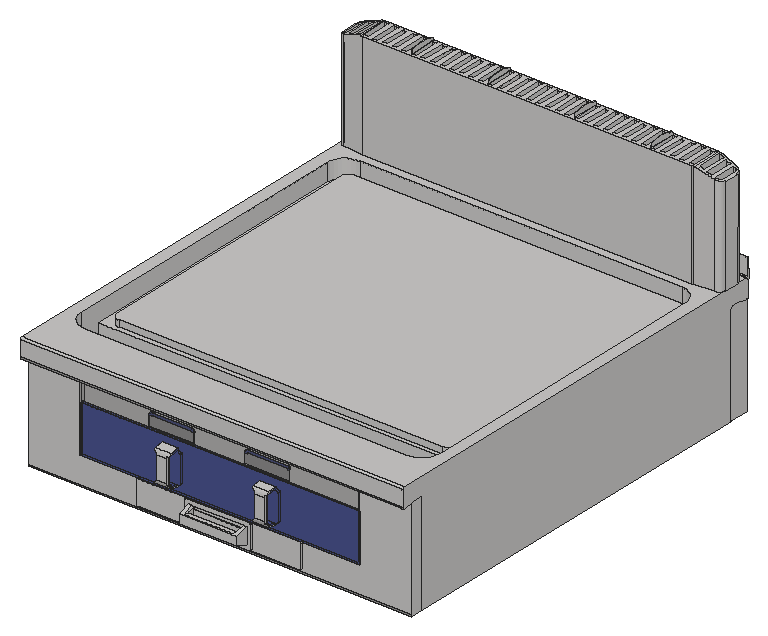
Revit family "QF_ELECTROLUXPROFESSIONAL_593319_MCHMABDOVO", category Specialty Equipment, Revit 2018
Family settings
  Round Connector Dimension = Use Diameter
  Part Type = Normal
  Work Plane-Based = No
  Always vertical = Yes
  Cut with Voids When Loaded = No
  Shared = No
  Room Calculation Point = No
Parameters (values of type "Standard")
  Weight = 69.00 kg
  Watts = 0 W
  Volts = 0 V
  URL Manufacturer = "http://professional.electrolux.com"
  URL = "http://professional.electrolux.com"
  Steam Supply Size = 0"
  Steam Supply Minimum Pressure = 0.00 psi
  Steam Supply Maximum Pressure = 0.00 psi
  Steam Pounds per Hour = 0
  Show Clearance [instance] = yes
  Refrigeration Suction Line Size = 0 mm
  Refrigeration Liquid Line Size = 0 mm
  Refrigerant Compressor Remote = yes
  Phase = 0
  Model = "MCHMABDOVO"
  Manufacturer = "Electrolux Professional"
  Length Actual = 400 mm  # constant formula
  Item Number = "593319"
  Hot Water Size = 0"
  Height Actual = 250 mm  # constant formula
  HP = "0 HP"
  Gas Size = 1/2"
  Gas KW = 10
  Gas Input Pressure = 0.817856 Btu/h
  Direct Waste Size = 0"
  Description = "GAS FRYTOP,SMT,TOWNGAS,1Z,BS,400X900X250"
  Depth Actual = 900 mm  # constant formula
  Cycle = 0 Hz
  Condensate Return Size = 0"
  Compressed Air Volume = 0 GPM
  Compressed Air Size = 0"
  Compressed Air Pressure = 0.00 psi
  Cold Water Size = 0"
  Accessory = yes
Reference planes
  plane 1 "BACK": y = 0
  plane 2: z = 0
  plane 3 "LEFT": x = 0
  plane 4 "RIGHT": x = 800
  plane 5 "FRONT": y = -900
  plane 6 "TOP": z = 250
  plane 7: x = 400
  plane 8: y = -450
  plane 9: z = 481
  plane 10: y = -1330
Forms (mm)
  Extrusion 1, solid, material "QF_Finishes_Stainless Steel"
    sketch origin (0, -487.128, 0) x (0, 1, 0) y (0, 0, 1)
      loop
        line (483.128, 250) -> (-408.872, 250)
        arc (-408.872, 250) -> (-411.7, 248.828) -> (-412.872, 246) r 4
        line (-412.872, 246) -> (-412.872, 214)
        arc (-412.872, 214) -> (-411.443, 210.936) -> (-408.177, 210.061) r 4
        line (-408.177, 210.061) -> (-391.509, 213) -> (-366.872, 213) -> (-366.872, 0) -> (441.128, 0) -> (441.128, 213) -> (465.765, 213) -> (482.433, 210.061)
        arc (482.433, 210.061) -> (485.699, 210.936) -> (487.128, 214) r 4
        line (487.128, 214) -> (487.128, 246)
        arc (487.128, 246) -> (485.956, 248.828) -> (483.128, 250) r 4
    from 0 to 800
  Extrusion 2, void
    sketch origin (653.786, 44.048, 250) x (1, 0, 0) y (0, -1, 0)
      loop
        line (-590.636, 138.048) -> (83.064, 138.048)
        arc (83.064, 138.048) -> (110.04, 149.222) -> (121.214, 176.198) r 38.15
        line (121.214, 176.198) -> (121.214, 816.572)
        arc (121.214, 816.572) -> (109.944, 843.779) -> (82.737, 855.048) r 38.476
        line (82.737, 855.048) -> (-591.786, 855.048)
        arc (-591.786, 855.048) -> (-617.949, 844.211) -> (-628.786, 818.048) r 37
        line (-628.786, 818.048) -> (-628.786, 176.198)
        arc (-628.786, 176.198) -> (-617.613, 149.222) -> (-590.636, 138.048) r 38.15
    from 0 to 37
  Extrusion 3, void
    sketch origin (1307.573, 92.096, 213) x (0, 1, 0) y (1, 0, 0)
      loop
        line (-821.846, -532.573) -> (-864.62, -532.573)
        arc (-864.62, -532.573) -> (-891.827, -543.842) -> (-903.096, -571.049) r 38.476
        line (-903.096, -571.049) -> (-903.096, -1245.573)
        arc (-903.096, -1245.573) -> (-892.259, -1271.736) -> (-866.096, -1282.573) r 37
        line (-866.096, -1282.573) -> (-821.846, -1282.573) -> (-821.846, -532.573)
    from 0 to 25.6
  Extrusion 4, void
    sketch origin (1612.573, 92.096, 187.4) x (-1, 0, 0) y (0, 1, 0)
      loop
        circle (1212.573, -862.096) r 22.248
    from 0 to 92
  Extrusion 5, solid, material "QF_Finishes_Stainless Steel"
    sketch origin (0, -854, 0) x (1, 0, 0) y (0, -1, 0)
      loop
        circle (765, -264) r 6.35
    from 0 to 3.2
  Extrusion 6, solid, material "QF_Door-Drawer Clearances", visible <- "Show Clearance", detail levels coarse
    sketch origin (437.31, -881.593, 8.62) x (0, 0, 1) y (-1, 0, 0)
      loop
        line (1.973, -134.295) -> (49.317, -134.295)
        arc (49.317, -134.295) -> (50.776, -133.691) -> (51.38, -132.232) r 2.063
        line (51.38, -132.232) -> (51.38, 206.852)
        arc (51.38, 206.852) -> (50.88, 208.549) -> (49.541, 209.705) r 3.133
        line (49.541, 209.705) -> (3.067, 209.705)
        arc (3.067, 209.705) -> (0.898, 208.807) -> (0, 206.638) r 3.067
        line (0, 206.638) -> (0, -132.322)
        arc (0, -132.322) -> (0.578, -133.717) -> (1.973, -134.295) r 1.973
    from 0 to 448.407
  Extrusion 7, solid, material "QF_Finishes_Stainless Steel"
    sketch origin (653.786, 44.048, 213) x (1, 0, 0) y (0, 1, 0)
      loop
        line (-608.786, -166.361) -> (-608.786, -745.485)
        arc (-608.786, -745.485) -> (-603.47, -758.319) -> (-590.636, -763.635) r 18.15
        line (-590.636, -763.635) -> (83.064, -763.635)
        arc (83.064, -763.635) -> (95.898, -758.319) -> (101.214, -745.485) r 18.15
        line (101.214, -745.485) -> (101.214, -166.361)
        arc (101.214, -166.361) -> (95.898, -153.527) -> (83.064, -148.211) r 18.15
        line (83.064, -148.211) -> (-590.636, -148.211)
        arc (-590.636, -148.211) -> (-603.47, -153.527) -> (-608.786, -166.361) r 18.15
    from 0 to 13.3
  Extrusion 8, solid, material "QF_Clearances", visible <- "Show Clearance", detail levels coarse
    sketch origin (-178.969, -4572, 0) x (-1, 0, 0) y (0, -1, 0)
      loop
        line (-78.969, -3672) -> (-178.969, -3672) -> (-178.969, -4572) -> (-978.969, -4572) -> (-978.969, -3672) -> (-1078.969, -3672) -> (-1078.969, -4672) -> (-78.969, -4672) -> (-78.969, -3672)
    from 0 to 250
  Extrusion 9, solid, material "QF_Finishes_Stainless Steel"
    sketch origin (0, 0, 0) x (0, 1, 0) y (0, 0, 1)
      loop
        line (-2.951, 1.994) -> (-2.951, 210.127)
        arc (-2.951, 210.127) -> (-3.795, 210.003) -> (-4.646, 210.061) r 4
        line (-4.646, 210.061) -> (-21.287, 212.994) -> (-45, 212.994) -> (-45, -0.006) -> (-4.951, -0.006)
        arc (-4.951, -0.006) -> (-3.537, 0.58) -> (-2.951, 1.994) r 2
      loop
        arc (-1.951, 252) -> (-2.537, 250.586) -> (-3.951, 250) r 2
        arc (-3.951, 250) -> (-1.172, 248.823) -> (0, 245.994) r 4
        line (0, 245.994) -> (0, 288) -> (-1.951, 288) -> (-1.951, 252)
    from 800 to 0
Cuts and joins
  Extrusion 2, Extrusion 3, Extrusion 4 cuts Extrusion 1
Lines and regions (mm)
  symbolic lines
    curve 1: line (493.666, -902.326, 0) -> (493.666, -900, 0)
    curve 2: spline (499.334, -903.73, 0) -> (498.856, -903.657, 0) -> (498.378, -903.575, 0) -> (497.901, -903.486, 0) -> (497.425, -903.389, 0) -> (496.95, -903.283, 0) -> (496.476, -903.17, 0) -> (496.004, -903.049, 0) -> (495.533, -902.92, 0) -> (495.064, -902.783, 0) -> (494.596, -902.638, 0) -> (494.13, -902.486, 0) -> (493.666, -902.326, 0)
    curve 3: line (525.881, -902.326, 0) -> (525.881, -900, 0)
    curve 4: spline (525.881, -902.326, 0) -> (525.417, -902.486, 0) -> (524.951, -902.638, 0) -> (524.483, -902.783, 0) -> (524.014, -902.92, 0) -> (523.543, -903.049, 0) -> (523.071, -903.17, 0) -> (522.597, -903.283, 0) -> (522.122, -903.389, 0) -> (521.646, -903.486, 0) -> (521.169, -903.575, 0) -> (520.691, -903.657, 0) -> (520.213, -903.73, 0)
    curve 5: line (499.334, -903.73, 0) -> (520.213, -903.73, 0)
    curve 6: line (25, -774, 0) -> (25, -132.15, 0)
    curve 7: arc (25, -132.15, 0) -> (36.174, -105.174, 0) -> (63.15, -94, 0) r 38.15
    curve 8: line (63.15, -94, 0) -> (736.85, -94, 0)
    curve 9: arc (736.85, -94, 0) -> (763.826, -105.174, 0) -> (775, -132.15, 0) r 38.15
    curve 10: line (775, -132.15, 0) -> (775, -772.524, 0)
    curve 11: arc (775, -772.524, 0) -> (763.731, -799.731, 0) -> (736.524, -811, 0) r 38.476
    curve 12: line (736.524, -811, 0) -> (62, -811, 0)
    curve 13: arc (62, -811, 0) -> (35.837, -800.163, 0) -> (25, -774, 0) r 37
    curve 14: line (775, -729.75, 0) -> (25, -729.75, 0)
    curve 15: circle (400, -770, 0) r 22.248 normal (0, 0, -1)
    curve 16: line (0, 0, 0) -> (800, 0, 0)
    curve 17: line (0, -900, 0) -> (0, 0, 0)
    curve 18: line (800, -900, 0) -> (0, -900, 0)
    curve 19: line (800, 0, 0) -> (800, -900, 0)
    curve 20: line (347.608, -908.767, 0) -> (450.042, -908.767, 0)
    curve 21: line (450.042, -908.767, 0) -> (451.588, -900, 0)
    curve 22: line (347.608, -908.767, 0) -> (346.062, -900, 0)
    curve 37: line (0, -1.951, 0) -> (800, -1.951, 0)
  symbolic lines, style "QF_Door-Drawer Clearances"
    curve 23: line (227.605, -1330, 0) -> (227.605, -900, 0)
    curve 24: line (227.605, -1330, 0) -> (571.605, -1330, 0)
    curve 25: line (571.605, -1330, 0) -> (571.605, -900, 0)
  symbolic lines, style "SpecialityEquipment"
    curve 26: line (755, -701.437, 0) -> (755, -122.313, 0)
    curve 27: arc (755, -122.313, 0) -> (749.684, -109.479, 0) -> (736.85, -104.163, 0) r 18.15
    curve 28: line (736.85, -104.163, 0) -> (63.15, -104.163, 0)
    curve 29: arc (63.15, -104.163, 0) -> (50.316, -109.479, 0) -> (45, -122.313, 0) r 18.15
    curve 30: line (45, -122.313, 0) -> (45, -701.437, 0)
    curve 31: arc (45, -701.437, 0) -> (50.316, -714.271, 0) -> (63.15, -719.587, 0) r 18.15
    curve 32: line (63.15, -719.587, 0) -> (736.85, -719.587, 0)
    curve 33: arc (736.85, -719.587, 0) -> (749.684, -714.271, 0) -> (755, -701.437, 0) r 18.15
  symbolic lines, style "QF_Clearances", visible <- "Show Clearance", detail levels coarse
    curve 34: line (-100, 100, 0) -> (-100, -900, 0)
    curve 35: line (900, 100, 0) -> (-100, 100, 0)
    curve 36: line (900, -900, 0) -> (900, 100, 0)
Dimensions and locks
  plane 3 "LEFT" to plane 4 "RIGHT" = 800 mm
  plane 5 "FRONT" to plane 1 "BACK" = 900 mm
  equal spacing: plane 3 "LEFT", plane 7, plane 4 "RIGHT"
  equal spacing: plane 5 "FRONT", plane 8, plane 1 "BACK"
  plane 6 "TOP" to level = 250 mm  (x2)
  plane 1 "BACK" to plane 5 "FRONT" = 900 mm
  Extrusion 5 sketch curve to plane 1 "BACK" = 590 mm
  Extrusion 5 sketch curve to plane 4 "RIGHT" = 35 mm
  plane 5 "FRONT" to plane 10 = 430 mm
  plane 9 to plane 6 "TOP" = 231 mm
  plane 9 to level = 481 mm
  Extrusion 8 to plane 3 "LEFT" = 100 mm
  plane 4 "RIGHT" to Extrusion 8 = 100 mm
  plane 1 "BACK" to Extrusion 8 = 100 mm
  radius of Extrusion 7 sketch curve = 18.15 mm  (x4)
  aligned and locked: level to plane 2
  aligned and locked: Extrusion 6 to plane 10
  aligned and locked: plane 6 "TOP" to Extrusion 8
  aligned and locked: cut or joined group of Extrusion 1, Extrusion 2, Extrusion 3, Extrusion 4 to plane 4 "RIGHT"
  aligned and locked: plane 7 to nested 1
  aligned and locked: plane 7 to nested 2
  aligned and locked: Extrusion 9 to plane 4 "RIGHT"
Automatic sketch dimensions
  Extrusion 1 to Extrusion 2 sketch curve = 90 mm
  Extrusion 1 to Extrusion 2 sketch curve = 122 mm
  Extrusion 1 to Extrusion 2 sketch curve = 25 mm
  Extrusion 2 sketch curve to Extrusion 2 sketch curve = 38.15 mm  (x2)
  Extrusion 1 to Extrusion 2 sketch curve = 123.476 mm
  Extrusion 1 to Extrusion 2 sketch curve = 85 mm
  Extrusion 2 sketch curve to Extrusion 2 sketch curve = 674.524 mm
  Extrusion 1 sketch curve to plane 5 "FRONT" = 0 mm
  Extrusion 1 sketch curve to plane 6 "TOP" = 0 mm
  Extrusion 1 sketch curve to level = 0 mm
  Extrusion 1 sketch curve to plane 1 "BACK" = 0 mm
  Extrusion 1 sketch curve to plane 6 "TOP" = 37 mm  (x2)
  Extrusion 1 sketch curve to plane 5 "FRONT" = 4 mm
  Extrusion 1 sketch curve to plane 5 "FRONT" = 21.363 mm
  Extrusion 1 sketch curve to plane 5 "FRONT" = 46 mm
  plane 1 "BACK" to Extrusion 1 sketch curve = 21.363 mm
  plane 1 "BACK" to Extrusion 1 sketch curve = 4 mm  (x2)
  Extrusion 1 sketch curve to Extrusion 1 sketch curve = 4 mm
  Extrusion 1 sketch curve to Extrusion 1 sketch curve = 0.695 mm
  Extrusion 1 sketch curve to Extrusion 1 sketch curve = 0 mm  (x4)
  plane 1 "BACK" to Extrusion 1 sketch curve = 4.695 mm
  Extrusion 1 sketch curve to Extrusion 1 sketch curve = 1 mm  (x2)
  plane 1 "BACK" to Extrusion 1 sketch curve = 46 mm
  Extrusion 3 sketch curve to Extrusion 2 = 81.25 mm
  Extrusion 2 to Extrusion 3 sketch curve = 0 mm  (x2)
  Extrusion 3 sketch curve to Extrusion 3 sketch curve = 37 mm
  Extrusion 3 sketch curve to Extrusion 3 sketch curve = 674.524 mm
  Extrusion 3 sketch curve to Extrusion 2 = 38.476 mm
  Extrusion 4 sketch curve to Extrusion 3 = 41 mm
  Extrusion 4 sketch curve to Extrusion 3 = 375 mm
  Extrusion 7 sketch curve to Extrusion 2 = 20 mm
  Extrusion 7 sketch curve to Extrusion 2 = 91.413 mm
  Extrusion 7 sketch curve to Extrusion 2 = 38.15 mm
  Extrusion 7 sketch curve to Extrusion 2 = 28.313 mm
  plane 1 "BACK" to Extrusion 8 sketch curve = 0 mm
  plane 5 "FRONT" to Extrusion 8 sketch curve = 0 mm  (x2)
  Extrusion 8 sketch curve to plane 4 "RIGHT" = 100 mm
  Extrusion 8 sketch curve to plane 1 "BACK" = 100 mm
  Extrusion 8 sketch curve to plane 3 "LEFT" = 100 mm
  Extrusion 8 sketch curve to plane 3 "LEFT" = 0 mm
  Extrusion 8 sketch curve to plane 4 "RIGHT" = 0 mm
  level to Extrusion 6 sketch curve = 8.62 mm
  level to Extrusion 6 sketch curve = 57.937 mm
  plane 7 to Extrusion 6 sketch curve = 171.605 mm
  Extrusion 6 sketch curve to Extrusion 6 sketch curve = 1.973 mm
  Extrusion 6 sketch curve to Extrusion 6 sketch curve = 3.067 mm
  Extrusion 6 sketch curve to Extrusion 6 sketch curve = 46.474 mm
  Extrusion 6 sketch curve to Extrusion 6 sketch curve = 2.063 mm
  Extrusion 6 sketch curve to Extrusion 6 sketch curve = 3.133 mm
  Extrusion 6 sketch curve to plane 7 = 169.328 mm
  Extrusion 9 sketch curve to plane 1 "BACK" = 0 mm  (x2)
  Extrusion 9 sketch curve to level = 0.006 mm
  Extrusion 9 sketch curve to plane 6 "TOP" = 0 mm
  Extrusion 9 sketch curve to Extrusion 9 sketch curve = 1.951 mm
  plane 1 "BACK" to Extrusion 9 sketch curve = 2.951 mm
  Extrusion 9 sketch curve to Extrusion 9 sketch curve = 2 mm  (x2)
  Extrusion 9 sketch curve to Extrusion 9 sketch curve = 18.335 mm
  Extrusion 9 sketch curve to Extrusion 9 sketch curve = 40.049 mm
  Extrusion 9 sketch curve to Extrusion 9 sketch curve = 1.695 mm
  Extrusion 9 sketch curve to Extrusion 9 sketch curve = 0 mm  (x3)
  Extrusion 9 sketch curve to Extrusion 9 sketch curve = 4 mm
  plane 1 "BACK" to Extrusion 9 sketch curve = 3.951 mm
  Extrusion 9 sketch curve to plane 6 "TOP" = 39.873 mm
  Extrusion 9 sketch curve to plane 6 "TOP" = 37.006 mm
  Extrusion 9 sketch curve to Extrusion 9 sketch curve = 36 mm
  Extrusion 9 sketch curve to Extrusion 9 sketch curve = 0.066 mm
  Extrusion 9 sketch curve to plane 6 "TOP" = 4.006 mm
  plane 1 "BACK" to curve 16 = 0 mm
  curve 25 to plane 10 = 0 mm
  curve 17 to plane 3 "LEFT" = 0 mm
  plane 5 "FRONT" to curve 18 = 0 mm
  plane 5 "FRONT" to curve 36 = 0 mm
  curve 37 to plane 4 "RIGHT" = 0 mm
  curve 15 to plane 7 = 0 mm
  plane 5 "FRONT" to curve 34 = 0 mm
  curve 35 to plane 4 "RIGHT" = 100 mm
  plane 4 "RIGHT" to curve 10 = 25 mm
  curve 14 to curve 26 = 20 mm
  curve 26 to curve 28 = 18.15 mm
  curve 26 to curve 32 = 18.15 mm
  curve 8 to curve 27 = 0 mm
  curve 10 to curve 12 = 38.476 mm
  plane 7 to curve 25 = 171.605 mm
  plane 5 "FRONT" to curve 3 = 2.326 mm
  curve 25 to curve 3 = 45.724 mm
  plane 5 "FRONT" to curve 5 = 3.73 mm
  curve 4 to curve 5 = 5.669 mm
  curve 5 to curve 5 = 20.878 mm
  plane 5 "FRONT" to curve 1 = 2.326 mm
  curve 2 to curve 1 = 5.669 mm
  plane 5 "FRONT" to curve 21 = 8.767 mm
  curve 2 to curve 21 = 43.623 mm
  curve 22 to plane 7 = 52.392 mm
  curve 23 to plane 7 = 172.395 mm
  plane 3 "LEFT" to curve 28 = 63.15 mm
  plane 3 "LEFT" to curve 32 = 63.15 mm
  curve 8 to curve 28 = 0 mm
  plane 3 "LEFT" to curve 12 = 62 mm
  curve 31 to curve 30 = 18.15 mm
  plane 3 "LEFT" to curve 6 = 25 mm
  curve 35 to plane 3 "LEFT" = 100 mm
  curve 3 to curve 4 = 9.839 mm
  plane 5 "FRONT" to curve 2 = 4.032 mm
  curve 2 to curve 5 = 4.17 mm
  curve 21 to curve 20 = 1.546 mm
  curve 20 to curve 22 = 1.546 mm
  curve 34 to plane 1 "BACK" = 100 mm
  plane 1 "BACK" to curve 8 = 94 mm
  curve 9 to curve 28 = 10.163 mm
  curve 26 to plane 5 "FRONT" = 198.563 mm
  curve 32 to curve 10 = 52.937 mm
  plane 1 "BACK" to curve 37 = 1.951 mm
  curve 30 to curve 14 = 28.313 mm
  curve 15 to plane 5 "FRONT" = 130 mm
  curve 2 to curve 4 = 0 mm
  radius of Extrusion 4 sketch curve = 22.248 mm
  radius of Extrusion 5 sketch curve = 6.35 mm
  radius of curve 15 = 22.248 mm
Nested families
  nested 1: "GG_900_800 Front Panel with Center Grease Trap" at (0, -854, -650), type "GG_900_800 Front Panel with Center Grease Trap"
  nested 2: "GG_900_Backsplash for 800 fryer" at (388.888, -5, -635.571), type "GG_900_Backsplash for 800 fryer"
Connectors
  piping at (765, -590, -3.2), diameter 12.8
    settings: on Extrusion 5, index 1, connector inside diameter 0.50394", connector length 0 mm, flow factor 0, pipe flow 0 GPM, pressure drop 0.00 psi, fitting loss kfactor 0, connector angle 0.00°, fixture units 0, engagement length 0 mm, angle of deflection 0.00°, flow configuration 1, flow direction 1, fitting loss method 0, system type 7, joint type 0, gender type 0, connector reference index -1, connector utility 0, adjustable connector no, is connector primary yes, connector description "GAS CONNECTION"
Definition of nested family "GG_900_800 Front Panel with Center Grease Trap"
  Reference planes
    plane 1 "Center (Front/Back)": y = 0
    plane 2: z = 0
    plane 3 "Center (Left/Right)": x = 0
    plane 4: y = -26.492
    plane 5: x = 400
    plane 6: x = 522.091
    plane 7: x = 319.468
  Forms (mm)
    Extrusion 1, solid
      sketch origin (1033.217, 829.203, -1.25) x (0, 1, 0) y (0, 0, 1)
        loop
          arc (-854.203, 654.25) -> (-853.324, 652.129) -> (-851.203, 651.25) r 3
          line (-851.203, 651.25) -> (-829.203, 651.25) -> (-829.203, 864.25) -> (-854.203, 864.25) -> (-854.203, 654.25)
      from -1033.217 to -233.217
    Extrusion 2, void
      sketch origin (1033.217, 829.203, -1.25) x (1, 0, 0) y (0, 0, 1)
        loop
          line (-341.217, 853.25) -> (-925.217, 853.25) -> (-925.217, 711.25) -> (-341.217, 711.25) -> (-341.217, 853.25)
      from 843.409 to 854.203
  Cuts and joins
    Extrusion 2 cuts Extrusion 1
  Dimensions and locks
    cut or joined group of Extrusion 1, Extrusion 2 to cut or joined group of Extrusion 1, Extrusion 2 = 108 mm
    nested 2 to plane 3 "Center (Left/Right)" = 108 mm
    nested 2 to plane 3 "Center (Left/Right)" = 252.97 mm
    cut or joined group of Extrusion 1, Extrusion 2 to nested 2 = 253.275 mm
    cut or joined group of Extrusion 1, Extrusion 2 to nested 4 = 297.909 mm
    nested 3 to plane 3 "Center (Left/Right)" = 298.218 mm
    aligned and locked: nested 1 to nested 2
  Nested families
    nested 1: "grease trap door" at (467.599, -25, 0.608) x (-1, 0, 0) z (0, 0, 1), type "grease trap door"
    nested 2: "Long Glass Control Panel w-Two Reads" at (108, -25, 5.811), type "Long Glass Control Panel w-Two Reads"
    nested 3: "Range Control Handle" at (298.218, -28.137, -207.75), type "Range Control Handle"
    nested 4: "Range Control Handle" at (502.091, -28.137, -207.75), type "Range Control Handle"
  Definition of nested family "grease trap door"
    Reference planes
      plane 1 "Center (Front/Back)": y = 0
      plane 2: z = 0
      plane 3 "Center (Left/Right)": x = 0
    Forms (mm)
      Extrusion 1, solid
        sketch origin (1627.55, 854.203, -1.25) x (1, 0, 0) y (0, 0, 1)
          loop
            arc (-1627.55, 661.235) -> (-1626.972, 659.84) -> (-1625.577, 659.262) r 1.973
            line (-1625.577, 659.262) -> (-1494.325, 659.262)
            arc (-1494.325, 659.262) -> (-1492.156, 660.16) -> (-1491.258, 662.329) r 3.067
            line (-1491.258, 662.329) -> (-1491.258, 708.803)
            arc (-1491.258, 708.803) -> (-1492.414, 710.143) -> (-1494.111, 710.642) r 3.133
            line (-1494.111, 710.642) -> (-1625.486, 710.642)
            arc (-1625.486, 710.642) -> (-1626.945, 710.038) -> (-1627.55, 708.579) r 2.063
            line (-1627.55, 708.579) -> (-1627.55, 661.235)
        from 856.795 to 859.203
      Extrusion 2, solid
        sketch origin (445.874, 2476.61, 0) x (0, 1, 0) y (0, 0, 1)
          loop
            line (-2506.377, 675.273) -> (-2481.61, 667.505) -> (-2481.61, 700.995) -> (-2506.377, 693.227) -> (-2506.377, 675.273)
        from -437.68 to -317.68
      Extrusion 3, void
        sketch origin (1627.55, 854.203, -1.25) x (1, 0, 0) y (0, 0, 1)
          loop
            line (-1614.883, 703) -> (-1610.542, 695.433) -> (-1508.17, 695.433) -> (-1503.828, 703) -> (-1614.883, 703)
          loop
            line (-1614.883, 668) -> (-1502.669, 668) -> (-1507.01, 675.567) -> (-1610.542, 675.567) -> (-1614.883, 668)
        from 832.916 to 883.97
      Extrusion 4, void
        sketch origin (447.55, 854.203, -1.25) x (1, 0, 0) y (0, 0, 1)
          loop
            line (-430.542, 695.433) -> (-430.542, 675.567) -> (-328.17, 675.567) -> (-328.17, 695.433) -> (-430.542, 695.433)
        from 859.203 to 874.202
      Extrusion 5, solid
        sketch origin (1627.55, 854.203, -1.25) x (1, 0, 0) y (0, 0, 1)
          loop
            arc (-1731.556, 661.235) -> (-1730.978, 659.84) -> (-1729.583, 659.262) r 1.973
            line (-1729.583, 659.262) -> (-1390.623, 659.262)
            arc (-1390.623, 659.262) -> (-1388.454, 660.16) -> (-1387.556, 662.329) r 3.067
            line (-1387.556, 662.329) -> (-1387.556, 708.803)
            arc (-1387.556, 708.803) -> (-1388.712, 710.143) -> (-1390.409, 710.642) r 3.133
            line (-1390.409, 710.642) -> (-1729.493, 710.642)
            arc (-1729.493, 710.642) -> (-1730.952, 710.038) -> (-1731.556, 708.579) r 2.063
            line (-1731.556, 708.579) -> (-1731.556, 661.235)
        from 854.203 to 856.795
    Cuts and joins
      Extrusion 3 cuts Extrusion 1
      Extrusion 3, Extrusion 4 cuts Extrusion 2
      joined: Extrusion 1, Extrusion 2
    Lines and regions (mm)
      symbolic lines
        curve 1: line (0, -2.593, 0) -> (136.292, -2.593, 0)
        curve 2: line (17.557, -29.767, 0) -> (12.667, -2.593, 0)
        curve 3: line (17.557, -29.767, 0) -> (119.991, -29.767, 0)
        curve 4: line (119.991, -29.767, 0) -> (124.881, -2.593, 0)
        curve 5: line (68.146, -2.593, 0) -> (68.146, -29.767, 0)
      model lines
        curve 6: line (67.599, 0, 658.012) -> (67.599, 0, 709.392)
    Dimensions and locks
      aligned and locked: Extrusion 2 to Extrusion 1
      aligned and locked: Extrusion 3 to Extrusion 2
      aligned and locked: Extrusion 4 to Extrusion 1
  Definition of nested family "Long Glass Control Panel w-Two Reads"
    Reference planes
      plane 1 "Center (Front/Back)": y = 0
      plane 2: z = 0
      plane 3 "Center (Left/Right)": x = 0
      plane 4: x = 584
      plane 5: x = 581.091
      plane 6: x = 350
      plane 7: x = 233.749
      plane 8 "Top": z = 846.189
      plane 9 "Center": x = 292
    Forms (mm)
      Extrusion 1, solid
        sketch origin (550.286, 304.8, -4.308) x (1, 0, 0) y (0, 0, 1)
          loop
            line (-550.286, 806.791) -> (-550.286, 708.497) -> (33.714, 708.497) -> (33.714, 806.791) -> (-550.286, 806.791)
        from 300.031 to 304.8
      Extrusion 2, solid
        sketch origin (550.286, 304.8, -4.308) x (1, 0, 0) y (0, 0, 1)
          loop
            line (-550.286, 850.497) -> (-550.286, 806.791) -> (33.714, 806.791) -> (33.714, 850.497) -> (-550.286, 850.497)
        from 300.031 to 304.8
      Extrusion 3, solid
        sketch origin (550.286, 305.901, -4.308) x (1, 0, 0) y (0, 0, 1)
          loop
            line (-311.561, 812.62) -> (-311.561, 834.177) -> (-316.37, 834.177) -> (-318.169, 835.977) -> (-398.599, 835.977) -> (-400.399, 834.177) -> (-405.316, 834.177) -> (-405.316, 812.62) -> (-311.561, 812.62)
          loop
            line (-111.561, 812.62) -> (-111.561, 834.177) -> (-116.37, 834.177) -> (-118.169, 835.977) -> (-198.599, 835.977) -> (-200.399, 834.177) -> (-205.316, 834.177) -> (-205.316, 812.62) -> (-111.561, 812.62)
        from 304.798 to 306.745
      Extrusion 4, solid
        sketch origin (550.286, 305.901, -4.308) x (1, 0, 0) y (0, 0, 1)
          loop
            line (-318.121, 835.977) -> (-316.321, 834.177) -> (-311.611, 834.177)
            arc (-311.611, 834.177) -> (-312.787, 838.752) -> (-317.062, 840.763) r 5.549
            line (-317.062, 840.763) -> (-399.768, 840.763)
            arc (-399.768, 840.763) -> (-404.024, 838.747) -> (-405.16, 834.177) r 5.5
            line (-405.16, 834.177) -> (-400.351, 834.177) -> (-398.551, 835.977) -> (-318.121, 835.977)
          loop
            line (-200.222, 834.177) -> (-198.422, 835.977) -> (-117.993, 835.977) -> (-116.193, 834.177) -> (-111.482, 834.177)
            arc (-111.482, 834.177) -> (-112.659, 838.752) -> (-116.934, 840.763) r 5.549
            line (-116.934, 840.763) -> (-199.639, 840.763)
            arc (-199.639, 840.763) -> (-203.895, 838.747) -> (-205.031, 834.177) r 5.5
            line (-205.031, 834.177) -> (-200.222, 834.177)
        from 304.798 to 306.745
      Extrusion 5, void
        sketch origin (550.286, 304.8, -4.308) x (1, 0, 0) y (0, 0, 1)
          loop
            line (-547.628, 847.565) -> (-547.628, 710.699) -> (30.804, 710.699) -> (30.804, 847.565) -> (-547.628, 847.565)
        from 303.697 to 304.8
    Cuts and joins
      Extrusion 5 cuts Extrusion 1
      Extrusion 5 cuts Extrusion 2
      Extrusion 5 cuts Extrusion 3
      Extrusion 5 cuts Extrusion 4
    Lines and regions (mm)
      symbolic lines
        curve 1: line (0, 4.769, 0) -> (584, 4.769, 0)
    Dimensions and locks
      plane 4 to plane 3 "Center (Left/Right)" = 584 mm
      locked: plane 4 to plane 5 at 2.909
      plane 4 to plane 6 = 234 mm
      plane 7 to plane 3 "Center (Left/Right)" = 233.749 mm
      aligned and locked: Extrusion 1 to Extrusion 2
      aligned and locked: Extrusion 3 to Extrusion 4
  Definition of nested family "Range Control Handle"
    Reference planes
      plane 1 "Center (Front/Back)": y = 0
      plane 2: z = 0
      plane 3 "Center (Left/Right)": x = 0
      plane 4: z = 971.092
    Forms (mm)
      Extrusion 1, solid
        sketch origin (-746.28, 380.497, 208.931) x (-1, 0, 0) y (0, 0, 1)
          loop
            line (-770.101, 786.798) -> (-770.101, 731.649)
            arc (-770.101, 731.649) -> (-769.759, 730.563) -> (-768.855, 729.87) r 1.893
            line (-768.855, 729.87) -> (-763.474, 727.911) -> (-729.81, 727.911) -> (-724.428, 729.87)
            arc (-724.428, 729.87) -> (-723.525, 730.563) -> (-723.183, 731.649) r 1.893
            line (-723.183, 731.649) -> (-723.183, 786.798)
            arc (-723.183, 786.798) -> (-723.529, 787.894) -> (-724.44, 788.593) r 1.91
            line (-724.44, 788.593) -> (-729.683, 790.819) -> (-763.601, 790.819) -> (-768.844, 788.593)
            arc (-768.844, 788.593) -> (-769.755, 787.894) -> (-770.101, 786.798) r 1.91
        from -382.35 to -378.852
      Sweep 2, solid
        path origin (-746.788, 380.496, 208.091) x (0, -1, 0) y (0, 0, 1)
          loop
            line (379.775, 793.281) -> (395.661, 791.048)
            arc (395.661, 791.048) -> (397.781, 787.377) -> (398.517, 783.202) r 12.207
            line (398.517, 783.202) -> (398.517, 737.368)
            arc (398.517, 737.368) -> (397.781, 733.193) -> (395.661, 729.522) r 12.207
            line (395.661, 729.522) -> (379.775, 727.289)
        profile origin (-746.788, -7.222, 1000.256) x (0, -0.139173, 0.990268) y (-1, 0, 0)
          loop
            line (0.782, -763.123) -> (0.782, -730.907) -> (-1.322, -730.907) -> (-1.322, -763.123) -> (0.782, -763.123)
      Sweep 3, solid
        path origin (-746.788, 380.715, 207.832) x (0, -1, 0) y (0, 0, 1)
          loop
            line (380.478, 795.442) -> (397.218, 793.09)
            arc (397.218, 793.09) -> (399.929, 788.473) -> (400.871, 783.202) r 15.207
            line (400.871, 783.202) -> (400.871, 737.584)
            arc (400.871, 737.584) -> (399.914, 732.274) -> (397.164, 727.633) r 15.207
            line (397.164, 727.633) -> (380.601, 725.305)
        profile origin (-746.788, -8.132, 1002.099) x (0, -0.139173, 0.990268) y (-1, 0, 0)
          loop
            line (0.782, -763.123) -> (0.782, -730.907) -> (-1.322, -730.907) -> (-1.322, -763.123) -> (0.782, -763.123)
      Extrusion 4, void
        sketch origin (889.253, 220.666, 207.993) x (1, 0, 0) y (0, 0, 1)
          loop
            line (-943.038, 816.854) -> (-943.038, 703.686) -> (-899.466, 734.196) -> (-899.466, 786.344) -> (-943.038, 816.854)
        from 230.636 to 242.25
      Extrusion 5, void
        sketch origin (-888.8, 220.666, 207.993) x (-1, 0, 0) y (0, 0, -1)
          loop
            line (-943.038, -816.854) -> (-899.466, -786.344) -> (-899.466, -734.196) -> (-943.038, -703.686) -> (-943.038, -816.854)
        from 230.636 to 242.25
      Extrusion 6, solid
        sketch origin (0, 0, 0) x (1, 0, 0) y (0, 0, 1)
          loop
            circle (0, 971.092) r 7.736
        from -3.137 to -1.645
    Cuts and joins
      Extrusion 4, Extrusion 5 cuts Sweep 3
      Extrusion 4, Extrusion 5 cuts Sweep 2
      joined: Extrusion 1, Extrusion 6
    Lines and regions (mm)
      symbolic lines
        curve 1: line (23.821, 1.645, 0) -> (-23.097, 1.645, 0)
        curve 2: line (16.334, -1.853, 0) -> (23.821, -1.853, 0)
        curve 3: line (-15.881, -19.189, 0) -> (-15.881, -1.853, 0)
        curve 4: line (-23.097, -1.853, 0) -> (-15.881, -1.853, 0)
        curve 5: line (16.334, -19.189, 0) -> (16.334, -1.853, 0)
        curve 6: spline (-15.881, -19.189, 0) -> (-15.417, -19.349, 0) -> (-14.951, -19.501, 0) -> (-14.483, -19.646, 0) -> (-14.014, -19.783, 0) -> (-13.543, -19.912, 0) -> (-13.071, -20.033, 0) -> (-12.597, -20.146, 0) -> (-12.122, -20.251, 0) -> (-11.646, -20.349, 0) -> (-11.169, -20.438, 0) -> (-10.691, -20.52, 0) -> (-10.213, -20.593, 0)
        curve 7: spline (10.666, -20.593, 0) -> (11.144, -20.52, 0) -> (11.622, -20.438, 0) -> (12.099, -20.349, 0) -> (12.575, -20.251, 0) -> (13.05, -20.146, 0) -> (13.524, -20.033, 0) -> (13.996, -19.912, 0) -> (14.467, -19.783, 0) -> (14.936, -19.646, 0) -> (15.404, -19.501, 0) -> (15.87, -19.349, 0) -> (16.334, -19.189, 0)
        curve 8: line (-10.213, -20.938, 0) -> (10.716, -20.938, 0)
        curve 9: line (-23.097, 1.645, 0) -> (-23.097, -1.853, 0)
        curve 10: line (23.821, 1.645, 0) -> (23.821, -1.853, 0)
Definition of nested family "GG_900_Backsplash for 800 fryer"
  Reference planes
    plane 1 "Center (Front/Back)": y = 0
    plane 2: z = 0
    plane 3 "Center (Left/Right)": x = 11.112
    plane 4: x = -388.888
    plane 5: x = 411.112
    plane 6: y = -37.994
  Forms (mm)
    Extrusion 1, solid
      sketch origin (3208.371, -22.924, -275.679) x (1, 0, 0) y (0, 0, 1)
        loop
          line (-3597.259, 1365.162) -> (-3597.259, 1161.25) -> (-2797.259, 1161.25) -> (-2797.259, 1364.934) -> (-2841.553, 1381.055)
          arc (-2841.553, 1381.055) -> (-2844.994, 1381.949) -> (-2848.536, 1382.25) r 21
          line (-2848.536, 1382.25) -> (-3546.608, 1382.25)
          arc (-3546.608, 1382.25) -> (-3550.146, 1381.95) -> (-3553.582, 1381.058) r 21
          line (-3553.582, 1381.058) -> (-3597.259, 1365.162)
      from -17.885 to 48.024
    Extrusion 2, void
      sketch origin (3108.387, -925.98, -226.348) x (1, 0, 0) y (0, 1, 0)
        loop
          line (-3444.887, 915.362) -> (-3444.887, 861.502) -> (-3434.887, 861.502) -> (-3434.887, 915.362) -> (-3444.887, 915.362)
      from 1111.919 to 1332.919
    Extrusion 3, void
      sketch origin (3789.012, -925.98, -226.348) x (1, 0, 0) y (0, 1, 0)
        loop
          line (-3444.887, 915.362) -> (-3444.887, 861.502) -> (-3434.887, 861.502) -> (-3434.887, 915.362) -> (-3444.887, 915.362)
      from 1111.919 to 1332.919
    Extrusion 4, void
      sketch origin (3128.405, -925.98, -226.348) x (1, 0, 0) y (0, 1, 0)
        loop
          line (-3444.887, 915.362) -> (-3444.887, 861.502) -> (-3434.887, 861.502) -> (-3434.887, 915.362) -> (-3444.887, 915.362)
      from 1111.919 to 1332.919
    Extrusion 5, void
      sketch origin (3148.424, -925.98, -226.348) x (1, 0, 0) y (0, 1, 0)
        loop
          line (-3444.887, 915.362) -> (-3444.887, 861.502) -> (-3434.887, 861.502) -> (-3434.887, 915.362) -> (-3444.887, 915.362)
      from 1111.919 to 1332.919
    Extrusion 6, void
      sketch origin (3168.442, -925.98, -226.348) x (1, 0, 0) y (0, 1, 0)
        loop
          line (-3444.887, 915.362) -> (-3444.887, 861.502) -> (-3434.887, 861.502) -> (-3434.887, 915.362) -> (-3444.887, 915.362)
      from 1111.919 to 1332.919
    Extrusion 7, void
      sketch origin (3188.46, -925.98, -226.348) x (1, 0, 0) y (0, 1, 0)
        loop
          line (-3444.887, 915.362) -> (-3444.887, 861.502) -> (-3434.887, 861.502) -> (-3434.887, 915.362) -> (-3444.887, 915.362)
      from 1111.919 to 1332.919
    Extrusion 8, void
      sketch origin (3208.479, -925.98, -226.348) x (1, 0, 0) y (0, 1, 0)
        loop
          line (-3444.887, 915.362) -> (-3444.887, 861.502) -> (-3434.887, 861.502) -> (-3434.887, 915.362) -> (-3444.887, 915.362)
      from 1111.919 to 1332.919
    Extrusion 9, void
      sketch origin (3228.497, -925.98, -226.348) x (1, 0, 0) y (0, 1, 0)
        loop
          line (-3444.887, 915.362) -> (-3444.887, 861.502) -> (-3434.887, 861.502) -> (-3434.887, 915.362) -> (-3444.887, 915.362)
      from 1111.919 to 1332.919
    Extrusion 10, void
      sketch origin (3248.516, -925.98, -226.348) x (1, 0, 0) y (0, 1, 0)
        loop
          line (-3444.887, 915.362) -> (-3444.887, 861.502) -> (-3434.887, 861.502) -> (-3434.887, 915.362) -> (-3444.887, 915.362)
      from 1111.919 to 1332.919
    Extrusion 11, void
      sketch origin (3268.534, -925.98, -226.348) x (1, 0, 0) y (0, 1, 0)
        loop
          line (-3444.887, 915.362) -> (-3444.887, 861.502) -> (-3434.887, 861.502) -> (-3434.887, 915.362) -> (-3444.887, 915.362)
      from 1111.919 to 1332.919
    Extrusion 12, void
      sketch origin (3288.552, -925.98, -226.348) x (1, 0, 0) y (0, 1, 0)
        loop
          line (-3444.887, 915.362) -> (-3444.887, 861.502) -> (-3434.887, 861.502) -> (-3434.887, 915.362) -> (-3444.887, 915.362)
      from 1111.919 to 1332.919
    Extrusion 13, void
      sketch origin (3308.571, -925.98, -226.348) x (1, 0, 0) y (0, 1, 0)
        loop
          line (-3444.887, 915.362) -> (-3444.887, 861.502) -> (-3434.887, 861.502) -> (-3434.887, 915.362) -> (-3444.887, 915.362)
      from 1111.919 to 1332.919
    Extrusion 14, void
      sketch origin (3328.589, -925.98, -226.348) x (1, 0, 0) y (0, 1, 0)
        loop
          line (-3444.887, 915.362) -> (-3444.887, 861.502) -> (-3434.887, 861.502) -> (-3434.887, 915.362) -> (-3444.887, 915.362)
      from 1111.919 to 1332.919
    Extrusion 15, void
      sketch origin (3348.607, -925.98, -226.348) x (1, 0, 0) y (0, 1, 0)
        loop
          line (-3444.887, 915.362) -> (-3444.887, 861.502) -> (-3434.887, 861.502) -> (-3434.887, 915.362) -> (-3444.887, 915.362)
      from 1111.919 to 1332.919
    Extrusion 16, void
      sketch origin (3368.626, -925.98, -226.348) x (1, 0, 0) y (0, 1, 0)
        loop
          line (-3444.887, 915.362) -> (-3444.887, 861.502) -> (-3434.887, 861.502) -> (-3434.887, 915.362) -> (-3444.887, 915.362)
      from 1111.919 to 1332.919
    Extrusion 17, void
      sketch origin (3388.644, -925.98, -226.348) x (1, 0, 0) y (0, 1, 0)
        loop
          line (-3444.887, 915.362) -> (-3444.887, 861.502) -> (-3434.887, 861.502) -> (-3434.887, 915.362) -> (-3444.887, 915.362)
      from 1111.919 to 1332.919
    Extrusion 18, void
      sketch origin (3408.663, -925.98, -226.348) x (1, 0, 0) y (0, 1, 0)
        loop
          line (-3444.887, 915.362) -> (-3444.887, 861.502) -> (-3434.887, 861.502) -> (-3434.887, 915.362) -> (-3444.887, 915.362)
      from 1111.919 to 1332.919
    Extrusion 19, void
      sketch origin (3428.681, -925.98, -226.348) x (1, 0, 0) y (0, 1, 0)
        loop
          line (-3444.887, 915.362) -> (-3444.887, 861.502) -> (-3434.887, 861.502) -> (-3434.887, 915.362) -> (-3444.887, 915.362)
      from 1111.919 to 1332.919
    Extrusion 20, void
      sketch origin (3448.699, -925.98, -226.348) x (1, 0, 0) y (0, 1, 0)
        loop
          line (-3444.887, 915.362) -> (-3444.887, 861.502) -> (-3434.887, 861.502) -> (-3434.887, 915.362) -> (-3444.887, 915.362)
      from 1111.919 to 1332.919
    Extrusion 21, void
      sketch origin (3468.718, -925.98, -226.348) x (1, 0, 0) y (0, 1, 0)
        loop
          line (-3444.887, 915.362) -> (-3444.887, 861.502) -> (-3434.887, 861.502) -> (-3434.887, 915.362) -> (-3444.887, 915.362)
      from 1111.919 to 1332.919
    Extrusion 22, void
      sketch origin (3488.736, -925.98, -226.348) x (1, 0, 0) y (0, 1, 0)
        loop
          line (-3444.887, 915.362) -> (-3444.887, 861.502) -> (-3434.887, 861.502) -> (-3434.887, 915.362) -> (-3444.887, 915.362)
      from 1111.919 to 1332.919
    Extrusion 23, void
      sketch origin (3508.755, -925.98, -226.348) x (1, 0, 0) y (0, 1, 0)
        loop
          line (-3444.887, 915.362) -> (-3444.887, 861.502) -> (-3434.887, 861.502) -> (-3434.887, 915.362) -> (-3444.887, 915.362)
      from 1111.919 to 1332.919
    Extrusion 24, void
      sketch origin (3528.773, -925.98, -226.348) x (1, 0, 0) y (0, 1, 0)
        loop
          line (-3444.887, 915.362) -> (-3444.887, 861.502) -> (-3434.887, 861.502) -> (-3434.887, 915.362) -> (-3444.887, 915.362)
      from 1111.919 to 1332.919
    Extrusion 25, void
      sketch origin (3548.791, -925.98, -226.348) x (1, 0, 0) y (0, 1, 0)
        loop
          line (-3444.887, 915.362) -> (-3444.887, 861.502) -> (-3434.887, 861.502) -> (-3434.887, 915.362) -> (-3444.887, 915.362)
      from 1111.919 to 1332.919
    Extrusion 26, void
      sketch origin (3568.81, -925.98, -226.348) x (1, 0, 0) y (0, 1, 0)
        loop
          line (-3444.887, 915.362) -> (-3444.887, 861.502) -> (-3434.887, 861.502) -> (-3434.887, 915.362) -> (-3444.887, 915.362)
      from 1111.919 to 1332.919
    Extrusion 27, void
      sketch origin (3588.828, -925.98, -226.348) x (1, 0, 0) y (0, 1, 0)
        loop
          line (-3444.887, 915.362) -> (-3444.887, 861.502) -> (-3434.887, 861.502) -> (-3434.887, 915.362) -> (-3444.887, 915.362)
      from 1111.919 to 1332.919
    Extrusion 28, void
      sketch origin (3608.846, -925.98, -226.348) x (1, 0, 0) y (0, 1, 0)
        loop
          line (-3444.887, 915.362) -> (-3444.887, 861.502) -> (-3434.887, 861.502) -> (-3434.887, 915.362) -> (-3444.887, 915.362)
      from 1111.919 to 1332.919
    Extrusion 29, void
      sketch origin (3628.865, -925.98, -226.348) x (1, 0, 0) y (0, 1, 0)
        loop
          line (-3444.887, 915.362) -> (-3444.887, 861.502) -> (-3434.887, 861.502) -> (-3434.887, 915.362) -> (-3444.887, 915.362)
      from 1111.919 to 1332.919
    Extrusion 30, void
      sketch origin (3648.883, -925.98, -226.348) x (1, 0, 0) y (0, 1, 0)
        loop
          line (-3444.887, 915.362) -> (-3444.887, 861.502) -> (-3434.887, 861.502) -> (-3434.887, 915.362) -> (-3444.887, 915.362)
      from 1111.919 to 1332.919
    Extrusion 31, void
      sketch origin (3668.902, -925.98, -226.348) x (1, 0, 0) y (0, 1, 0)
        loop
          line (-3444.887, 915.362) -> (-3444.887, 861.502) -> (-3434.887, 861.502) -> (-3434.887, 915.362) -> (-3444.887, 915.362)
      from 1111.919 to 1332.919
    Extrusion 32, void
      sketch origin (0, 0, 0) x (1, 0, 0) y (0, 1, 0)
        loop
          line (-373.021, -61.567) -> (-373.021, -14.408) -> (-377.678, -14.821)
          spline (-377.678, -14.821) -> (-378.371, -14.929) -> (-379.046, -15.126) -> (-379.692, -15.41) -> (-380.301, -15.777) -> (-380.864, -16.22) -> (-381.37, -16.734) -> (-381.814, -17.309) -> (-382.188, -17.939) -> (-382.486, -18.613) -> (-382.704, -19.32) -> (-382.839, -20.051) -> (-382.888, -20.793)
          line (-382.888, -20.793) -> (-382.888, -55.104)
          spline (-382.888, -55.104) -> (-382.855, -55.807) -> (-382.746, -56.501) -> (-382.562, -57.176) -> (-382.305, -57.825) -> (-381.98, -58.437) -> (-381.589, -59.005) -> (-381.14, -59.521) -> (-380.637, -59.978) -> (-380.087, -60.369) -> (-379.499, -60.69) -> (-378.879, -60.936) -> (-378.237, -61.104)
          line (-378.237, -61.104) -> (-373.021, -61.567)
        loop
          line (-367.195, -62.083) -> (-357.328, -62.958) -> (-357.328, -13.046) -> (-367.195, -13.892) -> (-367.195, -62.083)
        loop
          line (-351.502, -12.529) -> (-351.502, -63.476) -> (-341.546, -64.358) -> (-341.546, -11.645) -> (-351.502, -12.529)
        loop
          line (399.338, -14.802) -> (395.245, -14.439) -> (395.245, -61.567) -> (399.902, -61.184)
          spline (399.902, -61.184) -> (400.6, -61.075) -> (401.279, -60.875) -> (401.93, -60.588) -> (402.542, -60.217) -> (403.106, -59.768) -> (403.614, -59.248) -> (404.058, -58.666) -> (404.43, -58.029) -> (404.726, -57.349) -> (404.94, -56.634) -> (405.069, -55.897) -> (405.112, -55.149)
          line (405.112, -55.149) -> (405.112, -20.839)
          spline (405.112, -20.839) -> (405.061, -20.042) -> (404.913, -19.26) -> (404.668, -18.505) -> (404.333, -17.791) -> (403.912, -17.13) -> (403.412, -16.534) -> (402.844, -16.014) -> (402.215, -15.577) -> (401.539, -15.233) -> (400.825, -14.986) -> (400.087, -14.842) -> (399.338, -14.802)
        loop
          line (389.419, -13.922) -> (379.552, -13.046) -> (379.552, -62.989) -> (389.419, -62.113) -> (389.419, -13.922)
        loop
          line (363.77, -11.615) -> (363.77, -64.389) -> (373.726, -63.506) -> (373.726, -12.499) -> (363.77, -11.615)
      from 885.571 to 1106.571
    Extrusion 33, void
      sketch origin (5.432, 225.414, 0) x (1, 0, 0) y (0, 1, 0)
        loop
          spline (-382.452, -291.267) -> (-383.887, -291.038) -> (-385.284, -290.622) -> (-386.623, -290.026) -> (-387.883, -289.259) -> (-389.044, -288.332) -> (-390.088, -287.26) -> (-391.001, -286.059) -> (-391.767, -284.747) -> (-392.375, -283.345) -> (-392.817, -281.874) -> (-393.084, -280.356) -> (-393.174, -278.815)
          line (-393.174, -278.815) -> (-403.174, -278.815) -> (-403.174, -302.496) -> (-338.508, -302.496) -> (-338.508, -295.112) -> (-382.452, -291.267)
        loop
          line (-382.452, -235.548) -> (-338.508, -231.703) -> (-338.508, -224.32) -> (-403.174, -224.32) -> (-403.174, -248.001) -> (-393.174, -248.001)
          spline (-393.174, -248.001) -> (-393.084, -246.459) -> (-392.817, -244.941) -> (-392.375, -243.47) -> (-391.767, -242.068) -> (-391.001, -240.757) -> (-390.088, -239.556) -> (-389.044, -238.484) -> (-387.883, -237.557) -> (-386.623, -236.79) -> (-385.284, -236.194) -> (-383.887, -235.778) -> (-382.452, -235.548)
        loop
          line (393.082, -291.267) -> (349.139, -295.112) -> (349.139, -302.496) -> (413.805, -302.496) -> (413.805, -278.815) -> (403.805, -278.815)
          spline (403.805, -278.815) -> (403.715, -280.356) -> (403.447, -281.874) -> (403.006, -283.345) -> (402.398, -284.747) -> (401.631, -286.059) -> (400.719, -287.26) -> (399.674, -288.332) -> (398.513, -289.259) -> (397.254, -290.026) -> (395.915, -290.622) -> (394.518, -291.038) -> (393.082, -291.267)
        loop
          spline (393.082, -235.548) -> (394.518, -235.778) -> (395.915, -236.194) -> (397.254, -236.79) -> (398.513, -237.557) -> (399.674, -238.484) -> (400.719, -239.556) -> (401.631, -240.757) -> (402.398, -242.068) -> (403.006, -243.47) -> (403.447, -244.941) -> (403.715, -246.459) -> (403.805, -248.001)
          line (403.805, -248.001) -> (413.805, -248.001) -> (413.805, -224.32) -> (349.139, -224.32) -> (349.139, -231.703) -> (393.082, -235.548)
      from 0 to 1124.213
    Extrusion 34, void
      sketch origin (3688.92, -925.98, -226.348) x (1, 0, 0) y (0, 1, 0)
        loop
          line (-3444.887, 915.362) -> (-3444.887, 861.502) -> (-3434.887, 861.502) -> (-3434.887, 915.362) -> (-3444.887, 915.362)
      from 1111.919 to 1332.919
    Extrusion 35, void
      sketch origin (3708.938, -925.98, -226.348) x (1, 0, 0) y (0, 1, 0)
        loop
          line (-3444.887, 915.362) -> (-3444.887, 861.502) -> (-3434.887, 861.502) -> (-3434.887, 915.362) -> (-3444.887, 915.362)
      from 1111.919 to 1332.919
    Extrusion 36, void
      sketch origin (3728.957, -925.98, -226.348) x (1, 0, 0) y (0, 1, 0)
        loop
          line (-3444.887, 915.362) -> (-3444.887, 861.502) -> (-3434.887, 861.502) -> (-3434.887, 915.362) -> (-3444.887, 915.362)
      from 1111.919 to 1332.919
    Extrusion 37, void
      sketch origin (3748.975, -925.98, -226.348) x (1, 0, 0) y (0, 1, 0)
        loop
          line (-3444.887, 915.362) -> (-3444.887, 861.502) -> (-3434.887, 861.502) -> (-3434.887, 915.362) -> (-3444.887, 915.362)
      from 1111.919 to 1332.919
    Extrusion 38, void
      sketch origin (3768.993, -925.98, -226.348) x (1, 0, 0) y (0, 1, 0)
        loop
          line (-3444.887, 915.362) -> (-3444.887, 861.502) -> (-3434.887, 861.502) -> (-3434.887, 915.362) -> (-3444.887, 915.362)
      from 1111.919 to 1332.919
    Extrusion 39, solid
      sketch origin (259.122, 1835.817, -536.686) x (0, 1, 0) y (0, 0, 1)
        loop
          line (-1849.66, 1651.2) -> (-1860.917, 1653.592)
          arc (-1860.917, 1653.592) -> (-1873.392, 1654.903) -> (-1885.866, 1653.592) r 60
          line (-1885.866, 1653.592) -> (-1897.123, 1651.2)
          arc (-1897.123, 1651.2) -> (-1899.403, 1649.803) -> (-1900.294, 1647.286) r 4
          line (-1900.294, 1647.286) -> (-1900.294, 1644.257) -> (-1846.435, 1644.257) -> (-1846.435, 1647.286)
          arc (-1846.435, 1647.286) -> (-1847.327, 1649.803) -> (-1849.603, 1651.198) r 4
      from 4.99 to 5.99
    Extrusion 40, solid
      sketch origin (1192.52, 0, -506.659) x (1, 0, 0) y (0, 0, 1)
        loop
          line (-1428.929, 1613.23) -> (-1427.196, 1613.23)
          arc (-1427.196, 1613.23) -> (-1426.997, 1613.712) -> (-1426.929, 1614.23) r 2
          line (-1426.929, 1614.23) -> (-1427.929, 1614.23)
          arc (-1427.929, 1614.23) -> (-1428.221, 1613.523) -> (-1428.929, 1613.23) r 1
      from 10.618 to 64.478
    Extrusion 41, solid
      sketch origin (-240.398, 1835.817, -536.686) x (0, 1, 0) y (0, 0, 1)
        loop
          line (-1849.66, 1651.2) -> (-1860.917, 1653.592)
          arc (-1860.917, 1653.592) -> (-1873.392, 1654.903) -> (-1885.866, 1653.592) r 60
          line (-1885.866, 1653.592) -> (-1897.123, 1651.2)
          arc (-1897.123, 1651.2) -> (-1899.403, 1649.803) -> (-1900.294, 1647.286) r 4
          line (-1900.294, 1647.286) -> (-1900.294, 1644.257) -> (-1846.435, 1644.257) -> (-1846.435, 1647.286)
          arc (-1846.435, 1647.286) -> (-1847.327, 1649.803) -> (-1849.603, 1651.198) r 4
      from 4.99 to 5.99
    Extrusion 42, solid
      sketch origin (1352.667, 0, -506.659) x (1, 0, 0) y (0, 0, 1)
        loop
          line (-1428.929, 1613.23) -> (-1427.196, 1613.23)
          arc (-1427.196, 1613.23) -> (-1426.997, 1613.712) -> (-1426.929, 1614.23) r 2
          line (-1426.929, 1614.23) -> (-1427.929, 1614.23)
          arc (-1427.929, 1614.23) -> (-1428.221, 1613.523) -> (-1428.929, 1613.23) r 1
      from 10.618 to 64.478
    Extrusion 43, solid
      sketch origin (-80.251, 1835.817, -536.686) x (0, 1, 0) y (0, 0, 1)
        loop
          line (-1849.66, 1651.2) -> (-1860.917, 1653.592)
          arc (-1860.917, 1653.592) -> (-1873.392, 1654.903) -> (-1885.866, 1653.592) r 60
          line (-1885.866, 1653.592) -> (-1897.123, 1651.2)
          arc (-1897.123, 1651.2) -> (-1899.403, 1649.803) -> (-1900.294, 1647.286) r 4
          line (-1900.294, 1647.286) -> (-1900.294, 1644.257) -> (-1846.435, 1644.257) -> (-1846.435, 1647.286)
          arc (-1846.435, 1647.286) -> (-1847.327, 1649.803) -> (-1849.603, 1651.198) r 4
      from 4.99 to 5.99
    Extrusion 44, solid
      sketch origin (-1162.816, 0, -506.659) x (-1, 0, 0) y (0, 0, -1)
        loop
          arc (-1428.929, -1613.23) -> (-1428.221, -1613.523) -> (-1427.929, -1614.23) r 1
          line (-1427.929, -1614.23) -> (-1426.929, -1614.23)
          arc (-1426.929, -1614.23) -> (-1426.997, -1613.712) -> (-1427.196, -1613.23) r 2
          line (-1427.196, -1613.23) -> (-1428.929, -1613.23)
      from 10.618 to 64.478
    Extrusion 45, solid
      sketch origin (98.915, 1835.817, -536.686) x (0, 1, 0) y (0, 0, 1)
        loop
          line (-1849.66, 1651.2) -> (-1860.917, 1653.592)
          arc (-1860.917, 1653.592) -> (-1873.392, 1654.903) -> (-1885.866, 1653.592) r 60
          line (-1885.866, 1653.592) -> (-1897.123, 1651.2)
          arc (-1897.123, 1651.2) -> (-1899.403, 1649.803) -> (-1900.294, 1647.286) r 4
          line (-1900.294, 1647.286) -> (-1900.294, 1644.257) -> (-1846.435, 1644.257) -> (-1846.435, 1647.286)
          arc (-1846.435, 1647.286) -> (-1847.327, 1649.803) -> (-1849.603, 1651.198) r 4
      from 4.99 to 5.99
    Extrusion 46, solid
      sketch origin (-1323.024, 0, -506.659) x (-1, 0, 0) y (0, 0, -1)
        loop
          arc (-1428.929, -1613.23) -> (-1428.221, -1613.523) -> (-1427.929, -1614.23) r 1
          line (-1427.929, -1614.23) -> (-1426.929, -1614.23)
          arc (-1426.929, -1614.23) -> (-1426.997, -1613.712) -> (-1427.196, -1613.23) r 2
          line (-1427.196, -1613.23) -> (-1428.929, -1613.23)
      from 10.618 to 64.478
  Cuts and joins
    Extrusion 2, Extrusion 3, Extrusion 4, Extrusion 5, Extrusion 6, Extrusion 7, Extrusion 8, Extrusion 9, Extrusion 10, Extrusion 11, Extrusion 12, Extrusion 13, Extrusion 14, Extrusion 15, Extrusion 16, Extrusion 17, Extrusion 18, Extrusion 19, Extrusion 20, Extrusion 21, Extrusion 22, Extrusion 23, Extrusion 24, Extrusion 25, Extrusion 26, Extrusion 27, Extrusion 28, Extrusion 29, Extrusion 30, Extrusion 31, Extrusion 32, Extrusion 33, Extrusion 34, Extrusion 35, Extrusion 36, Extrusion 37, Extrusion 38 cuts Extrusion 1
  Lines and regions (mm)
    symbolic lines
      curve 1: line (340.161, -5.039, 0) -> (-319.049, -5.039, 0)
      curve 2: line (-377.28, -10.134, 0) -> (-319.049, -5.039, 0)
      curve 3: spline (-388.002, -22.586, 0) -> (-387.913, -21.045, 0) -> (-387.645, -19.527, 0) -> (-387.204, -18.056, 0) -> (-386.595, -16.654, 0) -> (-385.829, -15.343, 0) -> (-384.916, -14.142, 0) -> (-383.872, -13.07, 0) -> (-382.711, -12.143, 0) -> (-381.451, -11.376, 0) -> (-380.113, -10.779, 0) -> (-378.715, -10.363, 0) -> (-377.28, -10.134, 0)
      curve 4: line (-388.888, -22.586, 0) -> (-388.888, -53.401, 0)
      curve 5: spline (-377.28, -65.853, 0) -> (-378.715, -65.624, 0) -> (-380.113, -65.208, 0) -> (-381.451, -64.612, 0) -> (-382.711, -63.844, 0) -> (-383.872, -62.918, 0) -> (-384.916, -61.846, 0) -> (-385.829, -60.645, 0) -> (-386.595, -59.333, 0) -> (-387.204, -57.931, 0) -> (-387.645, -56.46, 0) -> (-387.913, -54.942, 0) -> (-388.002, -53.401, 0)
      curve 6: line (-319.049, -70.948, 0) -> (340.161, -70.948, 0)
      curve 7: line (-319.049, -70.948, 0) -> (-377.28, -65.853, 0)
      curve 8: line (398.392, -65.853, 0) -> (340.161, -70.948, 0)
      curve 9: line (411.112, -53.401, 0) -> (411.112, -22.586, 0)
      curve 10: spline (409.114, -53.401, 0) -> (409.025, -54.942, 0) -> (408.757, -56.46, 0) -> (408.316, -57.931, 0) -> (407.707, -59.333, 0) -> (406.941, -60.645, 0) -> (406.028, -61.846, 0) -> (404.984, -62.918, 0) -> (403.823, -63.844, 0) -> (402.564, -64.612, 0) -> (401.225, -65.208, 0) -> (399.827, -65.624, 0) -> (398.392, -65.853, 0)
      curve 11: spline (398.392, -10.134, 0) -> (399.827, -10.363, 0) -> (401.225, -10.779, 0) -> (402.564, -11.376, 0) -> (403.823, -12.143, 0) -> (404.984, -13.07, 0) -> (406.028, -14.142, 0) -> (406.941, -15.343, 0) -> (407.707, -16.654, 0) -> (408.316, -18.056, 0) -> (408.757, -19.527, 0) -> (409.025, -21.045, 0) -> (409.114, -22.586, 0)
      curve 12: line (340.161, -5.039, 0) -> (398.392, -10.134, 0)
      curve 13: line (11.112, 0, 1106.571) -> (11.112, 0, 885.571)
      curve 14: line (409.114, -22.586, 0) -> (411.112, -22.586, 0)
      curve 15: line (409.114, -53.401, 0) -> (411.112, -53.401, 0)
      curve 16: line (-388.888, -22.586, 0) -> (-388.002, -22.586, 0)
      curve 17: line (-388.002, -53.401, 0) -> (-388.888, -53.401, 0)
  Dimensions and locks
    equal spacing: group 1, group 3, group 4, group 5, group 6, group 7, group 8, group 9, group 10, group 11, group 12, group 13, group 14, group 15, group 16, group 17, group 18, group 19, group 20, group 21, group 22, group 23, group 24, group 25, group 26, group 27, group 28, group 29, group 30, group 31, group 32, group 33, group 34, group 35, group 2  (x3)
    plane 5 to plane 4 = 800 mm
    equal spacing: plane 5, plane 3 "Center (Left/Right)", plane 4
    aligned and locked: Extrusion 41 to Extrusion 40
    aligned and locked: Extrusion 43 to Extrusion 42
  Automatic sketch dimensions
    curve 13 to plane 3 "Center (Left/Right)" = 0 mm
    level to curve 13 = 885.571 mm
    curve 13 to curve 13 = 221 mm
    Extrusion 1 sketch curve to plane 4 = 0 mm
    Extrusion 1 sketch curve to plane 5 = 0 mm
    plane 4 to Extrusion 1 sketch curve = 43.677 mm
    Extrusion 1 sketch curve to Extrusion 1 sketch curve = 6.975 mm
    Extrusion 1 sketch curve to plane 5 = 51.277 mm
    Extrusion 1 sketch curve to Extrusion 1 sketch curve = 6.982 mm
    level to Extrusion 1 sketch curve = 885.571 mm
    Extrusion 1 sketch curve to Extrusion 1 sketch curve = 200 mm  (x2)
    Extrusion 1 sketch curve to Extrusion 1 sketch curve = 3.684 mm
    Extrusion 1 sketch curve to Extrusion 1 sketch curve = 3.912 mm
    Extrusion 1 sketch curve to Extrusion 1 sketch curve = 19.805 mm
    plane 4 to Extrusion 32 sketch curve = 6 mm
    Extrusion 32 sketch curve to Extrusion 32 sketch curve = 4.651 mm
    Extrusion 32 sketch curve to Extrusion 32 sketch curve = 5.209 mm
    Extrusion 32 sketch curve to Extrusion 32 sketch curve = 0 mm  (x4)
    Extrusion 32 sketch curve to Extrusion 32 sketch curve = 5.682 mm  (x3)
    Extrusion 32 sketch curve to Extrusion 32 sketch curve = 4.185 mm
    Extrusion 32 sketch curve to Extrusion 32 sketch curve = 5.826 mm  (x4)
    Extrusion 32 sketch curve to Extrusion 32 sketch curve = 9.867 mm  (x2)
    plane 1 "Center (Front/Back)" to Extrusion 32 sketch curve = 12.529 mm
    plane 1 "Center (Front/Back)" to Extrusion 32 sketch curve = 11.645 mm
    Extrusion 32 sketch curve to Extrusion 32 sketch curve = 9.956 mm
    Extrusion 32 sketch curve to plane 5 = 47.342 mm
    plane 1 "Center (Front/Back)" to Extrusion 32 sketch curve = 12.499 mm
    Extrusion 32 sketch curve to Extrusion 32 sketch curve = 9.957 mm
    Extrusion 32 sketch curve to Extrusion 32 sketch curve = 4.093 mm
    Extrusion 32 sketch curve to Extrusion 32 sketch curve = 0.092 mm
    Extrusion 32 sketch curve to plane 5 = 11.682 mm
    Extrusion 32 sketch curve to Extrusion 32 sketch curve = 4.657 mm
    Extrusion 32 sketch curve to Extrusion 32 sketch curve = 0.547 mm  (x2)
    Extrusion 32 sketch curve to Extrusion 32 sketch curve = 0.517 mm  (x5)
    Extrusion 32 sketch curve to Extrusion 32 sketch curve = 0.846 mm
    Extrusion 32 sketch curve to Extrusion 32 sketch curve = 0.876 mm  (x2)
    Extrusion 32 sketch curve to Extrusion 32 sketch curve = 0.393 mm
    Extrusion 32 sketch curve to Extrusion 32 sketch curve = 0.362 mm
    Extrusion 32 sketch curve to Extrusion 32 sketch curve = 0.001 mm
    Extrusion 32 sketch curve to Extrusion 32 sketch curve = 0.02 mm
    Extrusion 32 sketch curve to Extrusion 32 sketch curve = 5.972 mm
    Extrusion 32 sketch curve to Extrusion 32 sketch curve = 6.038 mm  (x2)
    plane 6 to Extrusion 32 sketch curve = 11.118 mm  (x2)
    Extrusion 32 sketch curve to Extrusion 32 sketch curve = 5.993 mm
    Extrusion 32 sketch curve to Extrusion 32 sketch curve = 0.054 mm
    Extrusion 32 sketch curve to Extrusion 32 sketch curve = 0.009 mm
    Extrusion 32 sketch curve to Extrusion 32 sketch curve = 0.463 mm
    Extrusion 32 sketch curve to Extrusion 32 sketch curve = 0.383 mm
    Extrusion 32 sketch curve to Extrusion 32 sketch curve = 0.875 mm
    Extrusion 32 sketch curve to Extrusion 32 sketch curve = 0.518 mm
    Extrusion 32 sketch curve to Extrusion 32 sketch curve = 0.883 mm  (x2)
    Extrusion 32 sketch curve to Extrusion 32 sketch curve = 0.884 mm
    Extrusion 33 sketch curve to plane 4 = 8.854 mm  (x2)
    Extrusion 33 sketch curve to plane 1 "Center (Front/Back)" = 1.094 mm  (x2)
    plane 4 to Extrusion 33 sketch curve = 1.146 mm  (x2)
    plane 4 to Extrusion 33 sketch curve = 11.868 mm  (x2)
